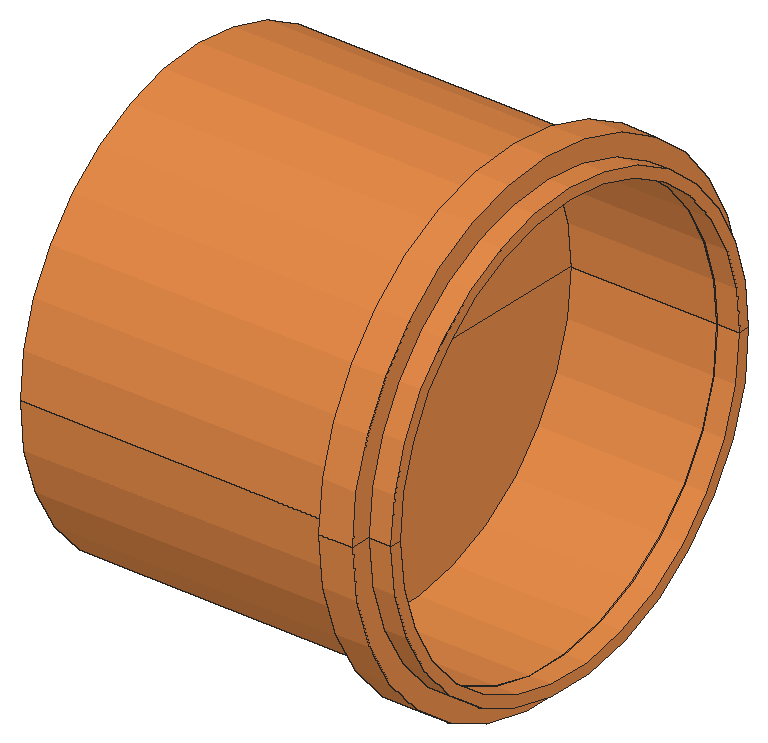
Revit family "Luva", category Pipe Fittings, Revit 2025
Family settings
  Round Connector Dimension = Use Diameter
  Part Type = Union
  OmniClass Number = 23.27.43.00
  Work Plane-Based = No
  Always vertical = Yes
  Cut with Voids When Loaded = No
  Shared = Yes
Parameters (values of type "Silentium")
  t2 [instance] = size_lookup("Esgoto Socket", "t2", 0 mm, Conexão 1, Line check)  # 12 mm
  product_serie = "Esgoto"
  material 2 = Amanco Esgoto Silentium
  material = Amanco Esgoto Normal/Reforcada
  j2 [instance] = size_lookup("Esgoto Socket", "j2", 0 mm, Conexão 1, Line check)  # 9 mm
  Z1 [instance] = if(Luva, size_lookup("Esgoto LS", "Z1", 0 mm, Conexão 1, Line check), 1.6 mm)  # 9.6 mm
  Vis Luva R [instance] = and(Luva, Reverso)  # no
  URL = "https://www.wavin.com/pt-br/cat%C3%A1logo/predial/sistema-sanitario#!"
  Type IFC Predefined Type = "CONNECTOR"
  ML2 [instance] = if(Conexão 1 = 40 mm, 0.8 mm, if(Conexão 1 = 200 mm, 21 mm, if(and(Conexão 1 = 150 mm, Line = 2), 5.5 mm, if(and(Conexão 1 = 150 mm, Line = 3), 5.5 mm, if(and(Conexão 1 = 75 mm, Line = 2), 4 mm, if(and(Conexão 1 = 100 mm, Line = 2), 4 mm, if(and(Conexão 1 = 75 mm, Line = 3), 4 mm, if(and(Conexão 1 = 100 mm, Line = 3), 4 mm, 2 mm))))))))  # 5.5 mm
  ML [instance] = if(Conexão 1 = 40 mm, 1 mm, if(Conexão 1 = 200 mm, 30 mm, if(and(Conexão 1 = 150 mm, Line = 2), 10.5 mm, if(and(Conexão 1 = 150 mm, Line = 3), 10.5 mm, if(and(Conexão 1 = 75 mm, Line = 2), 5.5 mm, if(and(Conexão 1 = 100 mm, Line = 2), 5.5 mm, if(and(Conexão 1 = 75 mm, Line = 3), 5.5 mm, if(and(Conexão 1 = 100 mm, Line = 3), 5.5 mm, 3 mm))))))))  # 10.5 mm
  Luva [instance] = yes
  Vis Luva [instance] = and(Luva, not(Reverso))  # yes
  Export Type to IFC As = "IfcPipeFitting"
  Default Elevation = 0 mm
  Type Comments = "Esgoto"  # constant formula
  Status [instance] = if(Luva, 3, if(Reverso, 2, 1))  # 3
  Right Sil [instance] = and(Status = 1, Line check = 3)  # no
  Right NR [instance] = and(Status = 1, or(Line check = 1, Line check = 2))  # no
  Reverso [instance] = no
  Product Description [instance] = "0"  # constant formula
  Pos Ref [instance] = if(Luva, 199.5 mm, if(Reverso, 200 mm, 199 mm))  # 199.5 mm
  Pid [instance] = 0  # constant formula
  P2 [instance] = size_lookup("Esgoto Socket", "P2", 0 mm, Conexão 1, Line check)  # 60 mm
  Model = ""
  Manufacturer = "Wavin"  # constant formula
  Line check [instance] = if(Conexão 1 = 200 mm, 1, Line)  # 3
  Line = 3
  Left Sil [instance] = and(Status = 2, Line check = 3)  # no
  Left NR [instance] = and(Status = 2, or(Line check = 1, Line check = 2))  # no
  LOD = "LOD400"  # constant formula
  built-in parameter 1114238 [instance] = (empty or 0)
  IfcExportType = "CONNECTOR"  # constant formula
  IfcExportAs = "IfcPipeFitting"  # constant formula
  IfcDescription = Description  # ""
  Grupo  Amanco [instance] = ""
  Ds2 [instance] = size_lookup("Esgoto Socket", "Ds2", 0 mm, Conexão 1, Line check) / 2  # 75.4 mm
  Dr2 [instance] = size_lookup("Esgoto Socket", "Dr2", 0 mm, Conexão 1, Line check) / 2  # 86.3 mm
  Do2 [instance] = size_lookup("Esgoto Socket", "Do2", 0 mm, Conexão 1, Line check) / 2  # 79.2 mm
  Description = ""
  Country = "BRA"  # constant formula
  Conexão 1 [instance] = 150 mm
  Catalogue Code [instance] = "0"  # constant formula
  Assembly Code = ""
  Anel [instance] = not(Luva)  # no
Types (3, lengths in mm): name | t2 | j2 | Z1 | URL | ML2 | ML | P2 | Line check | Line | Ds2 | Dr2 | Do2 | Conexão 1
  Normal | 8 | 6 | 3 | 0 | 2 | 3 | 44 | 1 | 1 | 38.1 | 44.85 | 39.7 | 75
  Reforcada | 12 | 9 | 9.6 | 0 | 5.5 | 10.5 | 60 | 2 | 2 | 75.4 | 86.3 | 79.2 | 150
  Silentium | 12 | 9 | 9.6 | "https://www.wavin.com/pt-br/cat%C3%A1logo/predial/sistema-sanitario#!" | 5.5 | 10.5 | 60 | 3 | 3 | 75.4 | 86.3 | 79.2 | 150
Reference planes
  plane 1 "Center (Front/Back)": y = 0
  plane 2: z = 0
  plane 3 "Center (Left/Right)": x = 0
  plane 4: x = 200
Forms (mm)
  Revolve 1, solid, material "Amanco Esgoto Silentium" <- "material 2", visible <- "Left Sil", detail levels fine
    sketch origin (0, 0, 0) x (1, 0, 0) y (0, 1, 0)
      loop
        line (0, 79.2) -> (-39, 79.2) -> (-39, 86.3) -> (-51, 86.3) -> (-51, 79.2) -> (-60, 79.2) -> (-60, 75.4) -> (3.8, 75.4) -> (0, 79.2)
      axis (3.8, 0) -> (-60, 0)
    angle from 0 to 360
  Revolve 2, solid, material "Amanco Esgoto Normal/Reforcada" <- "material", visible <- "Left NR", detail levels fine
    sketch origin (0, 0, 0) x (1, 0, 0) y (0, 1, 0)
      loop
        line (-60, 79.2) -> (-60, 75.4) -> (3.8, 75.4) -> (0, 79.2) -> (-39, 79.2) -> (-39, 86.3) -> (-51, 86.3) -> (-51, 79.2) -> (-60, 79.2)
      axis (3.8, 0) -> (-60, 0)
    angle from 0 to 360
  Revolve 3, solid, material "Amanco Esgoto Silentium" <- "material 2", visible <- "Right Sil", detail levels fine
    sketch origin (0, 0, 0) x (1, 0, 0) y (0, 1, 0)
      loop
        line (0, 79.2) -> (-3.8, 75.4) -> (60, 75.4) -> (60, 79.2) -> (51, 79.2) -> (51, 86.3) -> (39, 86.3) -> (39, 79.2) -> (0, 79.2)
      axis (60, 0) -> (-3.8, 0)
    angle from 0 to 360
  Revolve 4, solid, material "Amanco Esgoto Normal/Reforcada" <- "material", visible <- "Right NR", detail levels fine
    sketch origin (0, 0, 0) x (1, 0, 0) y (0, 1, 0)
      loop
        line (-3.8, 75.4) -> (60, 75.4) -> (60, 79.2) -> (51, 79.2) -> (51, 86.3) -> (39, 86.3) -> (39, 79.2) -> (0, 79.2) -> (-3.8, 75.4)
      axis (60, 0) -> (-3.8, 0)
    angle from 0 to 360
Lines and regions (mm)
  reference lines
    curve 1: line (0.5, 0, 0) -> (-0.5, 0, 0)
    curve 2: line (-4.8, 0, 0) -> (4.8, 0, 0)
  model lines
    curve 3: line (-4.8, 2.75, 0) -> (-4.8, -2.75, 0)
  model lines, detail levels coarse+medium
    curve 4: line (0, 5.25, 0) -> (0, -5.25, 0)
    curve 5: line (4.8, 2.75, 0) -> (4.8, -2.75, 0)
    curve 6: line (-6.231, 0, 0) -> (7.4, 0, 0)
Text (mm)
  text "®  Wavin" at (-0.074, 40.744, 0), in view "Ref. Level"
Dimensions and locks
  "Ds2": plane 1 "Center (Front/Back)" to Revolve 1 sketch curve
  "Do2": plane 1 "Center (Front/Back)" to Revolve 1 sketch curve
  "Dr2": plane 1 "Center (Front/Back)" to Revolve 1 sketch curve
  "P2": Revolve 1 sketch curve to plane 3 "Center (Left/Right)"
  "j2": Revolve 1 sketch curve to Revolve 1 sketch curve
  "t2": Revolve 1 sketch curve to Revolve 1 sketch curve
  "Ds2": plane 1 "Center (Front/Back)" to Revolve 2 sketch curve
  "Do2": plane 1 "Center (Front/Back)" to Revolve 2 sketch curve
  "Dr2": plane 1 "Center (Front/Back)" to Revolve 2 sketch curve
  "j2": Revolve 2 sketch curve to Revolve 2 sketch curve
  "t2": Revolve 2 sketch curve to Revolve 2 sketch curve
  "P2": Revolve 2 sketch curve to plane 3 "Center (Left/Right)"
  "Ds2": plane 1 "Center (Front/Back)" to Revolve 3 sketch curve
  "Do2": plane 1 "Center (Front/Back)" to Revolve 3 sketch curve
  "Dr2": plane 1 "Center (Front/Back)" to Revolve 3 sketch curve
  "P2": plane 3 "Center (Left/Right)" to Revolve 3 sketch curve
  "j2": Revolve 3 sketch curve to Revolve 3 sketch curve
  "t2": Revolve 3 sketch curve to Revolve 3 sketch curve
  "Ds2": plane 1 "Center (Front/Back)" to Revolve 4 sketch curve
  "Do2": plane 1 "Center (Front/Back)" to Revolve 4 sketch curve
  "j2": Revolve 4 sketch curve to Revolve 4 sketch curve
  "t2": Revolve 4 sketch curve to Revolve 4 sketch curve
  "P2": plane 3 "Center (Left/Right)" to Revolve 4 sketch curve
  "Dr2": plane 1 "Center (Front/Back)" to Revolve 4 sketch curve
  plane 3 "Center (Left/Right)" to plane 4 = 200 mm
  locked: curve 1 to curve 1 at 1
  "Pos Ref": curve 1 to plane 4
  equal spacing: curve 2, plane 3 "Center (Left/Right)", curve 2
  "Z1": curve 2 to curve 2
  equal spacing: curve 5, plane 1 "Center (Front/Back)", curve 5
  equal spacing: curve 3, plane 1 "Center (Front/Back)", curve 3
  equal spacing: curve 4, plane 1 "Center (Front/Back)", curve 4
  "ML2": curve 5 to curve 5
  "ML2": curve 3 to curve 3
  "ML": curve 4 to curve 4
  locked: Revolve 1 sketch curve to plane 3 "Center (Left/Right)" (angle 135.00°)
  locked: Revolve 2 sketch curve to plane 3 "Center (Left/Right)" (angle 135.00°)
  locked: Revolve 3 sketch curve to plane 3 "Center (Left/Right)" (angle 45.00°)
  angle Revolve 4 sketch curve to plane 3 "Center (Left/Right)" = 45.00°
  aligned and locked: level to plane 2
  aligned and locked: plane 3 "Center (Left/Right)" to Revolve 1 sketch curve
  aligned and locked: Revolve 1 sketch curve to Revolve 1 sketch curve
  aligned and locked: Revolve 1 sketch curve to plane 1 "Center (Front/Back)"
  aligned and locked: plane 3 "Center (Left/Right)" to Revolve 2 sketch curve
  aligned and locked: Revolve 2 sketch curve to Revolve 2 sketch curve
  aligned and locked: Revolve 2 sketch curve to plane 1 "Center (Front/Back)"
  aligned and locked: Revolve 3 sketch curve to Revolve 3 sketch curve
  aligned and locked: plane 3 "Center (Left/Right)" to Revolve 3 sketch curve
  aligned and locked: plane 3 "Center (Left/Right)" to Revolve 4 sketch curve
  aligned and locked: Revolve 4 sketch curve to Revolve 4 sketch curve
  aligned and locked: plane 1 "Center (Front/Back)" to curve 2
  aligned and locked: plane 1 "Center (Front/Back)" to nested 1
  aligned and locked: nested 1 to curve 2
  aligned and locked: nested 2 to plane 1 "Center (Front/Back)"
  aligned and locked: nested 2 to curve 2
  aligned and locked: nested 3 to plane 1 "Center (Front/Back)"
  aligned and locked: nested 3 to plane 3 "Center (Left/Right)"
  aligned and locked: curve 5 to curve 2
  aligned and locked: curve 3 to curve 2
  aligned and locked: curve 4 to plane 3 "Center (Left/Right)"
Automatic sketch dimensions
  plane 1 "Center (Front/Back)" to curve 6 = 0 mm
  curve 6 to curve 3 = 1.431 mm
  curve 5 to curve 6 = 2.6 mm
  plane 1 "Center (Front/Back)" to curve 1 = 0 mm
  Revolve 1 sketch curve to Revolve 1 sketch curve = 1850 mm
  plane 4 to Revolve 1 sketch curve = 1799.8 mm
  Revolve 2 sketch curve to Revolve 2 sketch curve = 1850 mm
  plane 4 to Revolve 2 sketch curve = 1799.8 mm
  plane 1 "Center (Front/Back)" to Revolve 3 sketch curve = 0 mm
  Revolve 3 sketch curve to Revolve 3 sketch curve = 1986.734 mm
  plane 4 to Revolve 3 sketch curve = 1795.843 mm
  Revolve 4 sketch curve to plane 1 "Center (Front/Back)" = 0 mm
  Revolve 4 sketch curve to Revolve 4 sketch curve = 1998.4 mm
  plane 4 to Revolve 4 sketch curve = 1816 mm
Nested families
  nested 1: "AmancoWavin_ConexõesdeTubos_EsgotoZNãoUsarLuvaSimple" at (-4.8, 0, 0), Connection 1 <- "Conexão 1", Line <- "Line", Solids Visible <- "Vis Luva", visible <- "Vis Luva", Grupo  Amanco <- "Grupo  Amanco", type "Var.", detail levels fine
    with t2 12 mm, j2 8 mm, Z1 9.6 mm, Vis t 40 Sil no, Vis t 40 N/R no, Vis J Sil yes, Vis J N_R no, Solids Visible yes, Silentium yes, SCB 0, ReferenciadoModelo "LUVA SIMP ESG SILENTIUM DN150", Product Description "LUVA SIMP ESG SILENTIUM DN150", Pos logo 77.1 mm, PSQ (Programa Setorial da Qualidade) "PSQ de Tubos e Conexões para Sistemas Prediais de Esgoto Sanitário - ASFAMAS", P2-j2 52 mm, P2 60 mm, P1 62 mm, NumerodoModelo "14849", Normal or Reinforced no, Norma Técnica "ABNT NBR 8160:1999", Norma "NBR 8160", NCM "3917.40.00", Line 3, built-in parameter 1114238 (empty or 0), Index 14849, Grupo  Amanco "", GTIN/EAN "7891960763769", GS1 Digital Link "https://id.gs1br.org/01/07891960763769", GPC (Global Product Classification) 50191300, Ds2 75.4 mm, Ds1 75 mm, Dr2 86.3 mm, Do2 79.2 mm, Do1 79.1 mm, Cor "Laranja", Connection 1 150 mm, Catalogue Code "14849", CCB 14849
  nested 2: "AmancoWavin_ConexõesdeTubos_EsgotoZNãoUsarLuvaSimple" at (4.8, 0, 0) x (-1, 0, 0) z (0, 0, 1), Connection 1 <- "Conexão 1", Line <- "Line", Solids Visible <- "Vis Luva R", visible <- "Vis Luva R", Grupo  Amanco <- "Grupo  Amanco", type "Var."
    with t2 12 mm, j2 8 mm, Z1 9.6 mm, Vis t 40 Sil no, Vis t 40 N/R no, Vis J Sil no, Vis J N_R no, Solids Visible no, Silentium no, SCB 0, ReferenciadoModelo "LUVA SIMP ESG SILENTIUM DN150", Product Description "LUVA SIMP ESG SILENTIUM DN150", Pos logo 77.1 mm, PSQ (Programa Setorial da Qualidade) "PSQ de Tubos e Conexões para Sistemas Prediais de Esgoto Sanitário - ASFAMAS", P2-j2 52 mm, P2 60 mm, P1 62 mm, NumerodoModelo "14849", Normal or Reinforced no, Norma Técnica "ABNT NBR 8160:1999", Norma "NBR 8160", NCM "3917.40.00", Line 3, built-in parameter 1114238 (empty or 0), Index 14849, Grupo  Amanco "", GTIN/EAN "7891960763769", GS1 Digital Link "https://id.gs1br.org/01/07891960763769", GPC (Global Product Classification) 50191300, Ds2 75.4 mm, Ds1 75 mm, Dr2 86.3 mm, Do2 79.2 mm, Do1 79.1 mm, Cor "Laranja", Connection 1 150 mm, Catalogue Code "14849", CCB 14849
  nested 3: "AmancoWavin_ConexõesdeTubos_EsgotoZNãoUsarAneldeVedação" at (70.496, 0, 0), Conexão 1 <- "Conexão 1", Solids Visible <- "Anel", visible <- "Anel", Grupo  Amanco <- "Grupo  Amanco", type "Var."
    with Visiility Normal no, Visibility But yes, Solids Visible no, SCB 0, ReferenciadoModelo "ANEL ORING ESG SBR DN150 DUR40", Product Description "ANEL ORING ESG SBR DN150 DUR40", Pid 0, PSQ (Programa Setorial da Qualidade) "0", NumerodoModelo "90115", Norma Técnica "0", Norma "NBR 5688/NBR 8160", built-in parameter 1114238 (empty or 0), NCM "0", Line 1, Index 90115, Grupo  Amanco "", GTIN/EAN "0", GS1 Digital Link "0", GPC (Global Product Classification) 0, Conexão 1 150 mm, Catalogue Code 2 "90115", Catalogue Code "90115", CCB 90115
  nested 4: "AmancoWavin_ConexõesdeTubos_EsgotoZNãoUsarAneldeVedação" at (65.696, 0, 0), type "Var."
    with Visiility Normal no, Visibility But yes, Solids Visible yes, SCB 0, ReferenciadoModelo "ANEL JEBI ESG SBR DN150", Product Description "ANEL JEBI ESG SBR DN150", Pid 0, PSQ (Programa Setorial da Qualidade) "PSQ de Tubos e Conexões para Sistemas Prediais de Esgoto Sanitário - ASFAMAS", NumerodoModelo "92828", Norma Técnica "ABNT NBR 8160:1999", Norma "NBR 5688/NBR 8160", built-in parameter 1114238 (empty or 0), NCM "3917.40.00", Line 3, Index 92828, Grupo  Amanco "", GTIN/EAN "7891960774284", GS1 Digital Link "https://id.gs1br.org/01/07891960774284", GPC (Global Product Classification) 50191300, Conexão 1 150 mm, Catalogue Code 2 "92828", Catalogue Code "92828", CCB 92828
Connectors
  piping at (-4.8, 0, 0), diameter 150, driven by "Conexão 1"
    settings: on curve 2, index 1, connector inside diameter 609.6 mm, connector length 0 mm, flow factor 0, pipe flow 0.0 L/s, pressure drop 0.0 Pa, fitting loss kfactor 0, connector angle 0.00°, fixture units 0, engagement length 0 mm, angle of deflection 0.00°, flow configuration 0, flow direction 0, fitting loss method 0, system type 28, joint type 0, gender type 0, connector reference index -1, connector utility 0, adjustable connector no, is connector primary yes, connector description ""
  piping at (4.8, 0, 0), diameter 150, driven by "Conexão 1"
    settings: on curve 2, index 2, connector inside diameter 609.6 mm, connector length 0 mm, flow factor 0, pipe flow 0.0 L/s, pressure drop 0.0 Pa, fitting loss kfactor 0, connector angle 0.00°, fixture units 0, engagement length 0 mm, angle of deflection 0.00°, flow configuration 0, flow direction 0, fitting loss method 0, system type 28, joint type 0, gender type 0, connector reference index -1, connector utility 0, adjustable connector no, is connector primary no, connector description ""
Definition of nested family "AmancoWavin_ConexõesdeTubos_EsgotoZNãoUsarLuvaSimple"
  Parameters (values of type "Var.")
    t2 [instance] = size_lookup("Esgoto LS", "t2", 0 mm, Connection 1, Line)  # 14.2 mm
    product_serie = "Esgoto"  # constant formula
    material 2 = none
    material = none
    j2 [instance] = size_lookup("Esgoto LS", "j2", 0 mm, Connection 1, Line)  # 10 mm
    Z1 [instance] = size_lookup("Esgoto LS", "Z1", 0 mm, Connection 1, Line)  # 32.6 mm
    Vis t 40 Sil [instance] = and(Solids Visible, Line = 3, Connection 1 = 40 mm)  # no
    Vis t 40 N/R [instance] = and(Solids Visible, or(Line = 1, Line = 2), Connection 1 = 40 mm)  # no
    Vis J Sil [instance] = and(not(Connection 1 = 40 mm), Silentium)  # no
    Vis J N_R [instance] = and(not(Connection 1 = 40 mm), Normal or Reinforced)  # yes
    UniClass Version = 2015
    UniClass Title = "Unplasticized polyvinyl chloride (PVC-U) drainage pipe and fittings"
    UniClass Number = "65.52.63.87"
    URL = "https://www.wavin.com/pt-br/cat%C3%A1logo/predial/sistema-sanitario#!"
    PSQ (Programa Setorial da Qualidade) [instance] = if(CCB = 14848, "PSQ de Tubos e Conexões para Sistemas Prediais de Esgoto Sanitário - ASFAMAS", if(CCB = 14849, "PSQ de Tubos e Conexões para Sistemas Prediais de Esgoto Sanitário - ASFAMAS", if(CCB = 14845, "PSQ de Tubos e Conexões para Sistemas Prediais de Esgoto Sanitário - ASFAMAS", if(CCB = 14846, "PSQ de Tubos e Conexões para Sistemas Prediais de Esgoto Sanitário - ASFAMAS", if(CCB = 14847, "PSQ de Tubos e Conexões para Sistemas Prediais de Esgoto Sanitário - ASFAMAS", "0")))))  # "0"
    Norma Técnica [instance] = if(CCB = 14848, "ABNT NBR 8160:1999", if(CCB = 14849, "ABNT NBR 8160:1999", if(CCB = 14845, "ABNT NBR 8160:1999", if(CCB = 14846, "ABNT NBR 8160:1999", if(CCB = 14847, "ABNT NBR 8160:1999", "0")))))  # "0"
    NCM [instance] = if(CCB = 14848, "3917.40.00", if(CCB = 14849, "3917.40.00", if(CCB = 14845, "3917.40.00", if(CCB = 14846, "3917.40.00", if(CCB = 14847, "3917.40.00", "0")))))  # "0"
    Type IFC Predefined Type = "CONNECTOR"
    GTIN/EAN [instance] = if(CCB = 14848, "7891960764520", if(CCB = 14849, "7891960763769", if(CCB = 14845, "7891960764490", if(CCB = 14846, "7891960764506", if(CCB = 14847, "7891960764513", "0")))))  # "0"
    GS1 Digital Link [instance] = if(CCB = 14848, "https://id.gs1br.org/01/07891960764520", if(CCB = 14849, "https://id.gs1br.org/01/07891960763769", if(CCB = 14845, "https://id.gs1br.org/01/07891960764490", if(CCB = 14846, "https://id.gs1br.org/01/07891960764506", if(CCB = 14847, "https://id.gs1br.org/01/07891960764513", "0")))))  # "0"
    GPC (Global Product Classification) [instance] = if(CCB = 14848, 50191300, if(CCB = 14849, 50191300, if(CCB = 14845, 50191300, if(CCB = 14846, 50191300, if(CCB = 14847, 50191300, 0)))))  # 0
    Export Type to IFC As = "IfcPipeFitting"
    Type Comments = "Esgoto"  # constant formula
    TipodeAtivo = "Fixo"
    TempoUtil = 50
    Tamanho = "n/a"
    Solids Visible [instance] = yes
    SCB [instance] = size_lookup("Esgoto LS", "SCB", 0, Connection 1, Line)  # 17307
    ResponsávelGarantiaTrabalho = "n/a"
    ResponsávelGarantiaPeças = "n/a"
    ReferenciadoModelo [instance] = Product Description  # "LUVA SIMP ESG SN DN200"
    Produtor = "Amanco Wavin"
    Product Description [instance] = if(Index = 14848, "LUVA SIMP ESG SILENTIUM DN100 CB", if(Index = 14849, "LUVA SIMP ESG SILENTIUM DN150", if(Index = 14845, "LUVA SIMP ESG SILENTIUM DN40 CB", if(Index = 14846, "LUVA SIMP ESG SILENTIUM DN50 CB", if(Index = 14847, "LUVA SIMP ESG SILENTIUM DN75 CB", if(Index = 11737, "LUVA SIMP ESG SN DN100 CB", if(Index = 10053, "LUVA SIMP ESG SN DN150", if(Index = 17307, "LUVA SIMP ESG SN DN200", if(Index = 11723, "LUVA SIMP ESG SN DN40 CB", if(Index = 11738, "LUVA SIMP ESG SN DN50 CB", if(Index = 11739, "LUVA SIMP ESG SN DN75 CB", if(Index = 11740, "LUVA SIMP ESG SR DN100 CB", if(Index = 11422, "LUVA SIMP ESG SR DN150", if(Index = 12498, "LUVA SIMP ESG SR DN50 CB", if(Index = 11741, "LUVA SIMP ESG SR DN75 CB", if(Index = 12497, "LUVA SIMP ESG SR DN40 CB", "0"))))))))))))))))  # "LUVA SIMP ESG SN DN200"
    Pos logo [instance] = Do1 - 2 mm  # 102.3 mm
    P2-j2 [instance] = P2 - if(j2 = 1 mm, 0 mm, j2)  # 37.5 mm
    P2 [instance] = size_lookup("Esgoto LS", "P2", 0 mm, Connection 1, Line)  # 47.5 mm
    P1 [instance] = size_lookup("Esgoto LS", "P1", 0 mm, Connection 1, Line)  # 48.8 mm
    OmniClass Version = 2012
    NumerodoModelo [instance] = Catalogue Code  # "17307"
    Norma [instance] = if(or(Line = 1, Line = 2), "NBR 5688/NBR 8160", if(Line = 3, "NBR 8160", "0"))  # "NBR 5688/NBR 8160"
    Model = ""
    Material = "PVC"
    Manufacturer = "Wavin"  # constant formula
    Silentium [instance] = and(Solids Visible, Line = 3)  # no
    Normal or Reinforced [instance] = and(Solids Visible, or(Line = 1, Line = 2))  # yes
    Line [instance] = 1
    LOD = "LOD400"  # constant formula
    Keynote = "15150"
    built-in parameter 1114238 [instance] = (empty or 0)
    Index [instance] = if(CCB = 0, SCB, CCB)  # 17307
    IfcExportType = "CONNECTOR"  # constant formula
    IfcExportAs = "IfcPipeFitting"  # constant formula
    IfcDescription = Description  # "UNION"
    Grupo  Amanco [instance] = ""
    Forma = "n/a"
    DuraçaoUnidade = "Anos"
    DuraçaoGarantiaUnidade = "Anos"
    DuraçaoGarantiaTrabalho = "n/a"
    DuraçaoGarantiaPeças = "n/a"
    Ds2 [instance] = size_lookup("Esgoto LS", "Ds2", 0 mm, Connection 1, Line) / 2  # 100.4 mm
    Ds1 [instance] = size_lookup("Esgoto LS", "Ds1", 0 mm, Connection 1, Line) / 2  # 100.05 mm
    Dr2 [instance] = size_lookup("Esgoto LS", "Dr2", 0 mm, Connection 1, Line) / 2  # 111.55 mm
    Do2 [instance] = size_lookup("Esgoto LS", "Do2", 0 mm, Connection 1, Line) / 2  # 103.8 mm
    Do1 [instance] = size_lookup("Esgoto LS", "Do1", 0 mm, Connection 1, Line) / 2  # 104.3 mm
    DescriçãoGarantia = "n/a"
    Description = "UNION"  # constant formula
    Default Elevation = 1219.2 mm
    CriadoPela = "Wavin LATAM"
    CriadoEm = "2020-06-20"
    Country = "BRA"  # constant formula
    Cor [instance] = if(Line = 3, "Laranja", "Bege")  # "Bege"
    Connection 1 [instance] = 200 mm
    Componentes = "n/a"
    Classe = "n/a"
    Catalogue Code [instance] = if(Index = 14848, "14848", if(Index = 14849, "14849", if(Index = 14845, "14845", if(Index = 14846, "14846", if(Index = 14847, "14847", if(Index = 11737, "11737", if(Index = 10053, "10053", if(Index = 17307, "17307", if(Index = 11723, "11723", if(Index = 11738, "11738", if(Index = 11739, "11739", if(Index = 11740, "11740", if(Index = 11422, "11422", if(Index = 12498, "12498", if(Index = 11741, "11741", if(Index = 12497, "12497", "0"))))))))))))))))  # "17307"
    Caracteristicas = "n/a"
    CCB [instance] = size_lookup("Esgoto LS", "CCB", 0, Connection 1, Line)  # 17307
    Assembly Code = "D2030100"
    Acabamento = "n/a"
  Reference planes
    plane 1 "Center (Front/Back)": y = 0
    plane 2: z = 0
    plane 3 "Center (Left/Right)": x = 0
  Forms (mm)
    Revolve 1, solid, material <- "material", visible <- "Normal or Reinforced", detail levels fine
      sketch origin (0, 0, 0) x (1, 0, 0) y (0, 1, 0)
        loop
          line (-48.8, 104.3) -> (-48.8, 100.05) -> (0, 100.05) -> (0, 0) -> (32.6, 0) -> (32.6, 100.4) -> (70.1, 100.4) -> (70.1, 111.55) -> (55.9, 111.55) -> (55.9, 104.3) -> (0, 104.3) -> (-48.8, 104.3)
        axis (70.1, 0) -> (-48.8, 0)
      angle from 0 to 360
    Revolve 2, solid, material <- "material", visible <- "Vis J N_R", detail levels fine
      sketch origin (0, 0, 0) x (1, 0, 0) y (0, 1, 0)
        loop
          line (70.1, 103.8) -> (70.1, 100.4) -> (80.1, 100.4) -> (80.1, 103.8) -> (70.1, 103.8)
        axis (80.1, 0) -> (70.1, 0)
      angle from 0 to 360
    Revolve 3, solid, material <- "material 2", visible <- "Silentium", detail levels fine
      sketch origin (0, 0, 0) x (1, 0, 0) y (0, 1, 0)
        loop
          line (-48.8, 104.3) -> (-48.8, 100.05) -> (0, 100.05) -> (0, 0) -> (32.6, 0) -> (32.6, 100.4) -> (70.1, 100.4) -> (70.1, 111.55) -> (55.9, 111.55) -> (55.9, 104.3) -> (-48.8, 104.3)
        axis (70.1, 0) -> (-48.8, 0)
      angle from 0 to 360
    Revolve 4, solid, material <- "material 2", visible <- "Vis J Sil", detail levels fine
      sketch origin (0, 0, 0) x (1, 0, 0) y (0, 1, 0)
        loop
          line (70.1, 103.8) -> (70.1, 100.4) -> (80.1, 100.4) -> (80.1, 103.8) -> (70.1, 103.8)
        axis (80.1, 0) -> (70.1, 0)
      angle from 0 to 360
    Revolve 5, solid, material <- "material", visible <- "Vis t 40 N/R", detail levels fine
      sketch origin (0, 0, 0) x (1, 0, 0) y (0, 1, 0)
        loop
          line (-48.8, 104.3) -> (-34.6, 104.3) -> (-34.6, 111.55) -> (-48.8, 111.55) -> (-48.8, 104.3)
        axis (-34.6, 0) -> (-48.8, 0)
      angle from 0 to 360
    Revolve 6, solid, material <- "material 2", visible <- "Vis t 40 Sil", detail levels fine
      sketch origin (0, 0, 0) x (1, 0, 0) y (0, 1, 0)
        loop
          line (-48.8, 111.55) -> (-48.8, 104.3) -> (-34.6, 104.3) -> (-34.6, 111.55) -> (-48.8, 111.55)
        axis (-34.6, 0) -> (-48.8, 0)
      angle from 0 to 360
  Lines and regions (mm)
    reference lines
      curve 1: line (0, 0, 0) -> (32.6, 0, 0)
  Text (mm)
    text "®  Wavin" at (-0.074, 40.744, 0), in view "Ref. Level"
  Dimensions and locks
    "Z1": plane 3 "Center (Left/Right)" to curve 1
    "Ds2": plane 1 "Center (Front/Back)" to Revolve 1 sketch curve
    "Ds1": plane 1 "Center (Front/Back)" to Revolve 1 sketch curve
    "Do1": plane 1 "Center (Front/Back)" to Revolve 1 sketch curve
    "Dr2": plane 1 "Center (Front/Back)" to Revolve 1 sketch curve
    "P1": Revolve 1 sketch curve to Revolve 1 sketch curve
    "t2": Revolve 1 sketch curve to Revolve 1 sketch curve
    "Ds2": plane 1 "Center (Front/Back)" to Revolve 2 sketch curve
    "Do2": plane 1 "Center (Front/Back)" to Revolve 2 sketch curve
    "j2": Revolve 2 sketch curve to Revolve 2 sketch curve
    "P2-j2": Revolve 1 sketch curve to Revolve 1 sketch curve
    "P1": Revolve 3 sketch curve to Revolve 3 sketch curve
    "P2-j2": Revolve 3 sketch curve to Revolve 3 sketch curve
    "t2": Revolve 3 sketch curve to Revolve 3 sketch curve
    "Ds1": plane 1 "Center (Front/Back)" to Revolve 3 sketch curve
    "Do1": plane 1 "Center (Front/Back)" to Revolve 3 sketch curve
    "Ds2": plane 1 "Center (Front/Back)" to Revolve 3 sketch curve
    "Dr2": plane 1 "Center (Front/Back)" to Revolve 3 sketch curve
    "j2": Revolve 4 sketch curve to Revolve 4 sketch curve
    "Ds2": plane 1 "Center (Front/Back)" to Revolve 4 sketch curve
    "Do2": plane 1 "Center (Front/Back)" to Revolve 4 sketch curve
    "Do1": plane 1 "Center (Front/Back)" to Revolve 5 sketch curve
    "Dr2": plane 1 "Center (Front/Back)" to Revolve 5 sketch curve
    "t2": Revolve 5 sketch curve to Revolve 5 sketch curve
    "t2": Revolve 6 sketch curve to Revolve 6 sketch curve
    "Do1": plane 1 "Center (Front/Back)" to Revolve 6 sketch curve
    "Dr2": plane 1 "Center (Front/Back)" to Revolve 6 sketch curve
    aligned and locked: level to plane 2
    aligned and locked: plane 3 "Center (Left/Right)" to curve 1
    aligned and locked: plane 1 "Center (Front/Back)" to curve 1
    aligned and locked: plane 3 "Center (Left/Right)" to Revolve 1 sketch curve
    aligned and locked: Revolve 1 sketch curve to curve 1  (x2)
    aligned and locked: Revolve 1 sketch curve to plane 1 "Center (Front/Back)"
    aligned and locked: Revolve 2 sketch curve to Revolve 1
    aligned and locked: Revolve 2 sketch curve to plane 1 "Center (Front/Back)"
    aligned and locked: plane 3 "Center (Left/Right)" to Revolve 3 sketch curve
    aligned and locked: Revolve 3 sketch curve to curve 1  (x2)
    aligned and locked: Revolve 3 sketch curve to plane 1 "Center (Front/Back)"
    aligned and locked: Revolve 4 sketch curve to Revolve 3
    aligned and locked: Revolve 4 sketch curve to plane 1 "Center (Front/Back)"
    aligned and locked: Revolve 5 sketch curve to Revolve 3
    aligned and locked: Revolve 5 sketch curve to plane 1 "Center (Front/Back)"
    aligned and locked: Revolve 6 sketch curve to Revolve 5
    aligned and locked: Revolve 6 sketch curve to plane 1 "Center (Front/Back)"
    aligned and locked: nested 1 to plane 1 "Center (Front/Back)"
    aligned and locked: nested 1 to plane 3 "Center (Left/Right)"
  Automatic sketch dimensions
    Revolve 1 sketch curve to plane 3 "Center (Left/Right)" = 0 mm
    Revolve 1 sketch curve to Revolve 1 sketch curve = 1974.5 mm
    Revolve 1 sketch curve to Revolve 1 sketch curve = 1963 mm
    Revolve 2 sketch curve to plane 3 "Center (Left/Right)" = 2000 mm
    Revolve 2 sketch curve to Revolve 2 sketch curve = 1960.7 mm
    Revolve 3 sketch curve to Revolve 3 sketch curve = 1974.5 mm
    Revolve 3 sketch curve to Revolve 3 sketch curve = 1958 mm
    Revolve 4 sketch curve to plane 3 "Center (Left/Right)" = 2000 mm
    Revolve 4 sketch curve to Revolve 4 sketch curve = 1953 mm
    Revolve 5 sketch curve to Revolve 5 sketch curve = 1982 mm
    plane 3 "Center (Left/Right)" to Revolve 5 sketch curve = 2000 mm
    Revolve 6 sketch curve to Revolve 6 sketch curve = 1982 mm
    plane 3 "Center (Left/Right)" to Revolve 6 sketch curve = 2000 mm
  Nested families
    nested 1: "AmancoWavin_ConexõesdeTubos_EsgotoZNãoUsarAneldeVedação" at (70.496, 0, 0), Solids Visible <- "Solids Visible", visible <- "Solids Visible", Conexão 1 <- "Connection 1", Grupo  Amanco <- "Grupo  Amanco", Line <- "Line", type "Var."
      with Visiility Normal no, Visibility But yes, Solids Visible yes, SCB 0, ReferenciadoModelo "0", Product Description "0", Pid 0, PSQ (Programa Setorial da Qualidade) "0", NumerodoModelo "0", Norma Técnica "0", Norma "NBR 5688/NBR 8160", built-in parameter 1114238 (empty or 0), NCM "0", Line 1, Index 0, Grupo  Amanco "", GTIN/EAN "0", GS1 Digital Link "0", GPC (Global Product Classification) 0, Conexão 1 200 mm, Catalogue Code 2 "0", Catalogue Code "0", CCB 0
  Definition of nested family "AmancoWavin_ConexõesdeTubos_EsgotoZNãoUsarAneldeVedação"
    Parameters (values of type "Var.")
      product_serie = "Esgoto"  # constant formula
      material = none
      Visiility Normal [instance] = no
      Visibility But [instance] = yes
      UniClass Version = 2015
      UniClass Title = "Unplasticized polyvinyl chloride (PVC-U) drainage pipe and fittings"
      UniClass Number = "65.52.63.87"
      URL = "https://www.wavin.com/pt-br/cat%C3%A1logo/predial/sistema-sanitario"
      PSQ (Programa Setorial da Qualidade) [instance] = if(CCB = 92825, "PSQ de Tubos e Conexões para Sistemas Prediais de Esgoto Sanitário - ASFAMAS", if(CCB = 92826, "PSQ de Tubos e Conexões para Sistemas Prediais de Esgoto Sanitário - ASFAMAS", if(CCB = 92827, "PSQ de Tubos e Conexões para Sistemas Prediais de Esgoto Sanitário - ASFAMAS", if(CCB = 92828, "PSQ de Tubos e Conexões para Sistemas Prediais de Esgoto Sanitário - ASFAMAS", "0"))))  # "0"
      Keynote = "15150"
      Norma Técnica [instance] = if(CCB = 92825, "ABNT NBR 8160:1999", if(CCB = 92826, "ABNT NBR 8160:1999", if(CCB = 92827, "ABNT NBR 8160:1999", if(CCB = 92828, "ABNT NBR 8160:1999", "0"))))  # "0"
      NCM [instance] = if(CCB = 92825, "3917.40.00", if(CCB = 92826, "3917.40.00", if(CCB = 92827, "3917.40.00", if(CCB = 92828, "3917.40.00", "0"))))  # "0"
      Line [instance] = 1
      Type IFC Predefined Type = "CONNECTOR"
      GTIN/EAN [instance] = if(CCB = 92825, "7891960771764", if(CCB = 92826, "7891960771825", if(CCB = 92827, "7891960771832", if(CCB = 92828, "7891960774284", "0"))))  # "0"
      GS1 Digital Link [instance] = if(CCB = 92825, "https://id.gs1br.org/01/07891960771764", if(CCB = 92826, "https://id.gs1br.org/01/07891960771825", if(CCB = 92827, "https://id.gs1br.org/01/07891960771832", if(CCB = 92828, "https://id.gs1br.org/01/07891960774284", "0"))))  # "0"
      GPC (Global Product Classification) [instance] = if(CCB = 92825, 50191300, if(CCB = 92826, 50191300, if(CCB = 92827, 50191300, if(CCB = 92828, 50191300, 0))))  # 0
      Export Type to IFC As = "IfcPipeFitting"
      Type Comments = "Esgoto"  # constant formula
      TipodeAtivo = "Fixo"
      TempoUtil = 50
      Tamanho = "n/a"
      Solids Visible [instance] = yes
      SCB [instance] = 0  # constant formula
      ResponsávelGarantiaTrabalho = "n/a"
      ResponsávelGarantiaPeças = "n/a"
      ReferenciadoModelo [instance] = Product Description  # "ANEL ORING ESG SBR DN50 DUR40"
      Produtor = "Amanco Wavin"
      Product Description [instance] = if(CCB = 90112, "ANEL ORING ESG SBR DN50 DUR40", if(CCB = 90113, "ANEL ORING ESG SBR DN75 DUR40", if(CCB = 90114, "ANEL ORING ESG SBR DN100 DUR 40", if(CCB = 90115, "ANEL ORING ESG SBR DN150 DUR40", if(CCB = 92825, "ANEL JEBI ESG SBR DN50", if(CCB = 92826, "ANEL JEBI ESG SBR DN75", if(CCB = 92827, "ANEL JEBI ESG SBR DN100 ", if(CCB = 92828, "ANEL JEBI ESG SBR DN150", "0"))))))))  # "ANEL ORING ESG SBR DN50 DUR40"
      Pid [instance] = 0
      OmniClass Version = 2012
      NumerodoModelo [instance] = Catalogue Code  # "90112"
      Norma [instance] = "NBR 5688/NBR 8160"  # constant formula
      Model = ""
      Material = "PVC"
      Manufacturer = "Wavin"  # constant formula
      LOD = "LOD400"  # constant formula
      Index [instance] = if(CCB = 0, SCB, CCB)  # 90112
      built-in parameter 1114238 [instance] = (empty or 0)
      IfcExportType = "CONNECTOR"  # constant formula
      IfcExportAs = "IfcPipeFitting"  # constant formula
      IfcDescription = Description  # "ANEL"
      Grupo  Amanco [instance] = ""
      Forma = "n/a"
      DuraçaoUnidade = "Anos"
      DuraçaoGarantiaUnidade = "Anos"
      DuraçaoGarantiaTrabalho = "n/a"
      DuraçaoGarantiaPeças = "n/a"
      DescriçãoGarantia = "n/a"
      Description = "ANEL"  # constant formula
      Default Elevation = 1219.2 mm
      CriadoPela = "Wavin LATAM"
      CriadoEm = "2020-06-20"
      Country = "BRA"  # constant formula
      Cor = "Preto"
      Conexão 1 [instance] = 50 mm
      Componentes = "n/a"
      Classe = "n/a"
      Catalogue Code 2 [instance] = if(CCB = 90112, "90112", if(CCB = 90113, "90113", if(CCB = 90114, "90114", if(CCB = 90115, "90115", if(CCB = 92825, "92825", if(CCB = 92826, "92826", if(CCB = 92827, "92827", if(CCB = 92828, "92828", "0"))))))))  # "90112"
      Catalogue Code [instance] = if(CCB = 90112, "90112", if(CCB = 90113, "90113", if(CCB = 90114, "90114", if(CCB = 90115, "90115", if(CCB = 92825, "92825", if(CCB = 92826, "92826", if(CCB = 92827, "92827", if(CCB = 92828, "92828", "0"))))))))  # "90112"
      Caracteristicas = "n/a"
      CCB [instance] = size_lookup("Esgoto Anel", "CCB", 0, Conexão 1, Line)  # 90112
      Assembly Code = "D2030100"
      Acabamento = "n/a"
    Reference planes
      plane 1 "Center (Front/Back)": y = 0
      plane 2: z = 0
      plane 3 "Center (Left/Right)": x = -70.496
    Lines and regions (mm)
      model lines
        curve 1: line (-70.496, 0, 0) -> (-70.496, 1, 0)
    Text (mm)
      text "®  Wavin" at (-0.074, 40.744, 0), in view "Ref. Level"
    Dimensions and locks
      aligned and locked: level to plane 2
      aligned and locked: plane 1 "Center (Front/Back)" to curve 1
Definition of nested family "AmancoWavin_ConexõesdeTubos_EsgotoZNãoUsarAneldeVedação"
  Parameters (values of type "Var.")
    product_serie = "Esgoto"  # constant formula
    material = none
    Visiility Normal [instance] = no
    Visibility But [instance] = yes
    UniClass Version = 2015
    UniClass Title = "Unplasticized polyvinyl chloride (PVC-U) drainage pipe and fittings"
    UniClass Number = "65.52.63.87"
    URL = "https://www.wavin.com/pt-br/cat%C3%A1logo/predial/sistema-sanitario"
    PSQ (Programa Setorial da Qualidade) [instance] = if(CCB = 92825, "PSQ de Tubos e Conexões para Sistemas Prediais de Esgoto Sanitário - ASFAMAS", if(CCB = 92826, "PSQ de Tubos e Conexões para Sistemas Prediais de Esgoto Sanitário - ASFAMAS", if(CCB = 92827, "PSQ de Tubos e Conexões para Sistemas Prediais de Esgoto Sanitário - ASFAMAS", if(CCB = 92828, "PSQ de Tubos e Conexões para Sistemas Prediais de Esgoto Sanitário - ASFAMAS", "0"))))  # "0"
    Keynote = "15150"
    Norma Técnica [instance] = if(CCB = 92825, "ABNT NBR 8160:1999", if(CCB = 92826, "ABNT NBR 8160:1999", if(CCB = 92827, "ABNT NBR 8160:1999", if(CCB = 92828, "ABNT NBR 8160:1999", "0"))))  # "0"
    NCM [instance] = if(CCB = 92825, "3917.40.00", if(CCB = 92826, "3917.40.00", if(CCB = 92827, "3917.40.00", if(CCB = 92828, "3917.40.00", "0"))))  # "0"
    Line [instance] = 1
    Type IFC Predefined Type = "CONNECTOR"
    GTIN/EAN [instance] = if(CCB = 92825, "7891960771764", if(CCB = 92826, "7891960771825", if(CCB = 92827, "7891960771832", if(CCB = 92828, "7891960774284", "0"))))  # "0"
    GS1 Digital Link [instance] = if(CCB = 92825, "https://id.gs1br.org/01/07891960771764", if(CCB = 92826, "https://id.gs1br.org/01/07891960771825", if(CCB = 92827, "https://id.gs1br.org/01/07891960771832", if(CCB = 92828, "https://id.gs1br.org/01/07891960774284", "0"))))  # "0"
    GPC (Global Product Classification) [instance] = if(CCB = 92825, 50191300, if(CCB = 92826, 50191300, if(CCB = 92827, 50191300, if(CCB = 92828, 50191300, 0))))  # 0
    Export Type to IFC As = "IfcPipeFitting"
    Type Comments = "Esgoto"  # constant formula
    TipodeAtivo = "Fixo"
    TempoUtil = 50
    Tamanho = "n/a"
    Solids Visible [instance] = yes
    SCB [instance] = 0  # constant formula
    ResponsávelGarantiaTrabalho = "n/a"
    ResponsávelGarantiaPeças = "n/a"
    ReferenciadoModelo [instance] = Product Description  # "ANEL ORING ESG SBR DN50 DUR40"
    Produtor = "Amanco Wavin"
    Product Description [instance] = if(CCB = 90112, "ANEL ORING ESG SBR DN50 DUR40", if(CCB = 90113, "ANEL ORING ESG SBR DN75 DUR40", if(CCB = 90114, "ANEL ORING ESG SBR DN100 DUR 40", if(CCB = 90115, "ANEL ORING ESG SBR DN150 DUR40", if(CCB = 92825, "ANEL JEBI ESG SBR DN50", if(CCB = 92826, "ANEL JEBI ESG SBR DN75", if(CCB = 92827, "ANEL JEBI ESG SBR DN100 ", if(CCB = 92828, "ANEL JEBI ESG SBR DN150", "0"))))))))  # "ANEL ORING ESG SBR DN50 DUR40"
    Pid [instance] = 0
    OmniClass Version = 2012
    NumerodoModelo [instance] = Catalogue Code  # "90112"
    Norma [instance] = "NBR 5688/NBR 8160"  # constant formula
    Model = ""
    Material = "PVC"
    Manufacturer = "Wavin"  # constant formula
    LOD = "LOD400"  # constant formula
    Index [instance] = if(CCB = 0, SCB, CCB)  # 90112
    built-in parameter 1114238 [instance] = (empty or 0)
    IfcExportType = "CONNECTOR"  # constant formula
    IfcExportAs = "IfcPipeFitting"  # constant formula
    IfcDescription = Description  # "ANEL"
    Grupo  Amanco [instance] = ""
    Forma = "n/a"
    DuraçaoUnidade = "Anos"
    DuraçaoGarantiaUnidade = "Anos"
    DuraçaoGarantiaTrabalho = "n/a"
    DuraçaoGarantiaPeças = "n/a"
    DescriçãoGarantia = "n/a"
    Description = "ANEL"  # constant formula
    Default Elevation = 1219.2 mm
    CriadoPela = "Wavin LATAM"
    CriadoEm = "2020-06-20"
    Country = "BRA"  # constant formula
    Cor = "Preto"
    Conexão 1 [instance] = 50 mm
    Componentes = "n/a"
    Classe = "n/a"
    Catalogue Code 2 [instance] = if(CCB = 90112, "90112", if(CCB = 90113, "90113", if(CCB = 90114, "90114", if(CCB = 90115, "90115", if(CCB = 92825, "92825", if(CCB = 92826, "92826", if(CCB = 92827, "92827", if(CCB = 92828, "92828", "0"))))))))  # "90112"
    Catalogue Code [instance] = if(CCB = 90112, "90112", if(CCB = 90113, "90113", if(CCB = 90114, "90114", if(CCB = 90115, "90115", if(CCB = 92825, "92825", if(CCB = 92826, "92826", if(CCB = 92827, "92827", if(CCB = 92828, "92828", "0"))))))))  # "90112"
    Caracteristicas = "n/a"
    CCB [instance] = size_lookup("Esgoto Anel", "CCB", 0, Conexão 1, Line)  # 90112
    Assembly Code = "D2030100"
    Acabamento = "n/a"
  Reference planes
    plane 1 "Center (Front/Back)": y = 0
    plane 2: z = 0
    plane 3 "Center (Left/Right)": x = -70.496
  Lines and regions (mm)
    model lines
      curve 1: line (-70.496, 0, 0) -> (-70.496, 1, 0)
  Text (mm)
    text "®  Wavin" at (-0.074, 40.744, 0), in view "Ref. Level"
  Dimensions and locks
    aligned and locked: level to plane 2
    aligned and locked: plane 1 "Center (Front/Back)" to curve 1
